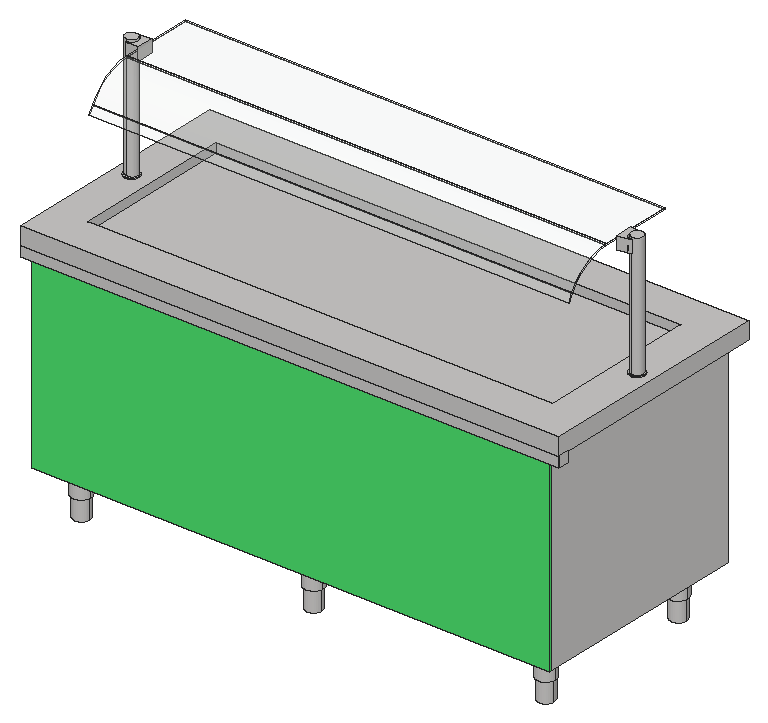
Revit family "QF_BOURGEAT_Self_meuble_cuve_froid_statique_baie_libre_5GN", category Equipement spécialisé, Revit 2015
Parameters (values of type "baie _libre_cuve30_presentoir_lampe_fluorecente_etageres")
  profondeur_cuve = 30 mm
  presentoir = yes
  porte_reserve = no
  etageres = yes
  URL catalogue = "http://www.bourgeat.fr"
  URL = ""
  Type de Raccord Electrique = ""
  Type article = ""
  Type Fluide Frigorigène = "R404a"
  Tension = 230 V
  Spécification du Fabricant = "meuble cuve froid statique OASIS"
  Roues = no
  Remarques Electricité = ""
  Puissance électrique  = 740 W
  Puissance frigorifique = "272W"
  Profondeur hors tout = 820 mm
  Poids net à vide = 285.00 kg
  Pieds_centre = no
  Pieds = yes
  Phase = 2
  Niveau Sonore = "60dBa"
  Nature isolant = "polyurethane"
  Modèle = "853025 + 853315 + 854915"
  Longueur hors tout = 1859 mm
  Intensité nominale = 3.21739 A
  Indice de protection = "21"
  Hauteur hors tout = 900 mm
  Fréquence = 50 Hz
  Fabricant = "BOURGEAT"
  Contact SAV = "0033(0)4.76.32.14.44"
  Classe Climatique = "3"
  Charge_gaz = ""
  Charge max = 200.00 kg
Types (25, lengths in mm): name | profondeur_cuve | presentoir | etageres | Roues | Puissance électrique  | Poids net à vide | Pieds | Modèle | Intensité nominale
  (no name) | 30 | yes | yes | no | 740 W | 285.00 kg | yes | "853025 + 853315 + 854915" | 3.21739 A
  baie _libre_cuve30 | 30 | no | no | no | 700 W | 260.00 kg | yes | "853025" | 3.04348 A
  baie _libre_cuve90 | 90 | no | no | no | 700 W | 260.00 kg | yes | "853095" | 3.04348 A
  baie _libre_cuve30_presentoir_lampe_fluorecente | 30 | yes | no | no | 740 W | 285.00 kg | yes | "853025 + 853315" | 3.21739 A
  baie _libre_cuve30_presentoir_lampe_LED | 30 | yes | no | no | 740 W | 285.00 kg | yes | "853025 + 853325" | 3.21739 A
  baie _libre_cuve90_presentoir_lampe_fluorecente | 90 | yes | no | no | 740 W | 285.00 kg | yes | "853095 + 853315" | 3.21739 A
  baie _libre_cuve90_presentoir_lampe_LED | 90 | yes | no | no | 740 W | 285.00 kg | yes | "853095 + 853325" | 3.21739 A
  baie _libre_cuve30_roues | 30 | no | no | yes | 700 W | 260.00 kg | no | "853025 + 854950" | 3.04348 A
  baie _libre_cuve90_roues | 90 | no | no | yes | 700 W | 260.00 kg | no | "853095 + 854950" | 3.04348 A
  baie _libre_cuve30_etageres | 30 | no | yes | no | 700 W | 260.00 kg | yes | "853025 + 854915" | 3.04348 A
  baie _libre_cuve90_etageres | 90 | no | yes | no | 700 W | 260.00 kg | yes | "853095 + 854915" | 3.04348 A
  baie _libre_cuve30_presentoir_lampe_fluorecente_etageres | 30 | yes | yes | no | 740 W | 285.00 kg | yes | "853025 + 853315 + 854915" | 3.21739 A
  baie _libre_cuve30_presentoir_lampe_LED_etageres_roues | 30 | yes | yes | yes | 740 W | 285.00 kg | no | "853025 + 853325 + 854915 + 854950" | 3.21739 A
  baie _libre_cuve90_presentoir_lampe_fluorecente_etageres | 90 | yes | yes | no | 740 W | 285.00 kg | yes | "853095 + 853315 + 854915" | 3.21739 A
  baie _libre_cuve90_presentoir_lampe_LED_etageres | 90 | yes | yes | no | 740 W | 285.00 kg | yes | "853095 + 853325 + 854915" | 3.21739 A
  baie _libre_cuve30_presentoir_lampe_fluorecente_roues | 30 | yes | no | yes | 740 W | 285.00 kg | no | "853025 + 853315 + 854950" | 3.21739 A
  baie _libre_cuve30_presentoir_lampe_LED_roues | 30 | yes | no | yes | 740 W | 285.00 kg | no | "853025 + 853325 + 854950" | 3.21739 A
  baie _libre_cuve90_presentoir_lampe_fluorecente_roues | 90 | yes | no | yes | 740 W | 285.00 kg | no | "853095 + 853315 + 854950" | 3.21739 A
  baie _libre_cuve90_presentoir_lampe_LED_roues | 90 | yes | no | yes | 740 W | 285.00 kg | no | "853095 + 853325 + 854950" | 3.21739 A
  baie _libre_cuve30_etageres_roues | 30 | no | yes | yes | 700 W | 260.00 kg | no | "853025 + 854915 + 854950" | 3.04348 A
  baie _libre_cuve90_etageres_roues | 90 | no | yes | yes | 700 W | 260.00 kg | no | "853095 + 854915+ 854950" | 3.04348 A
  baie _libre_cuve30_presentoir_lampe_fluorecente_etageres_roues | 30 | yes | yes | yes | 740 W | 285.00 kg | no | "853025 + 853315 + 854915 + 854950" | 3.21739 A
  baie _libre_cuve90_presentoir_lampe_fluorecente_etageres_roues | 90 | yes | yes | yes | 740 W | 285.00 kg | no | "853095 + 853315 + 854915 + 854950" | 3.21739 A
  baie _libre_cuve90_presentoir_lampe_LED_etageres_roues | 90 | yes | yes | yes | 740 W | 285.00 kg | no | "853095 + 853325 + 854915 + 854950" | 3.21739 A
  baie _libre_cuve30_presentoir_lampe_LED_etageres | 30 | yes | yes | no | 740 W | 285.00 kg | yes | "853025 + 853325 + +854915" | 3.21739 A
Reference planes
  plane 1 "Centre (avant/arrière)": y = 0
  plane 2: z = 0
  plane 3 "Centre (gauche/droite)": x = 0
  plane 4: y = 812
  plane 5: y = 668.25
  plane 6: y = 97.194
  plane 7: z = 235
  plane 8: z = 515
  plane 9: y = 555
  plane 10: x = -2047
Forms (mm)
  Extrusion 1, solid
    sketch origin (-29.925, 3.363, 0) x (1, 0, 0) y (0, 1, 0)
      loop
        circle (-2016.075, 551.637) r 5
    from 154.552 to 160
  Extrusion 2, solid, material "Acier inoxydable, brossé"
    sketch origin (0, 0, 0) x (1, 0, 0) y (0, 1, 0)
      loop
        line (-528, 760) -> (-1589, 760) -> (-1589, 80) -> (-528, 80) -> (-528, 760)
    from 160 to 250
Dimensions and locks
  locked: plane 4 to nested 1 at 47
  locked: nested 1 to plane 6 at 97.194
  locked: nested 1 to plane 5 at 96.75
  nested 2 to nested 1 = 561 mm
  nested 1 to nested 2 = 237 mm
  plane 8 to nested 7 = 515 mm
  plane 7 to nested 7 = 235 mm
  plane 3 "Centre (gauche/droite)" to nested 2 = 291 mm
  locked: plane 2 to nested 11 at 727
  locked: nested 1 to nested 11 at 69.625
  locked: plane 4 to plane 9 at 257
  locked: plane 2 to nested 18 at 223
  locked: nested 1 to plane 10 at 69
  aligned and locked: level to plane 2
  aligned and locked: nested 2 to nested 1  (x2)
  aligned and locked: nested 1 to plane 1 "Centre (avant/arrière)"
  aligned and locked: plane 4 to nested 2
  aligned and locked: nested 2 to nested 3  (x2)
  aligned and locked: nested 1 to nested 6
  aligned and locked: nested 1 to nested 7
  aligned and locked: nested 1 to nested 5
  aligned and locked: nested 1 to nested 4
  aligned and locked: nested 6 to plane 2
  aligned and locked: nested 2 to nested 5
  aligned and locked: nested 2 to nested 4
  aligned and locked: nested 6 to plane 5
  aligned and locked: nested 7 to plane 6
  aligned and locked: nested 4 to plane 5
  aligned and locked: nested 5 to plane 6
  aligned and locked: nested 3 to nested 2
  aligned and locked: nested 6 to nested 2
  aligned and locked: nested 7 to nested 2
  aligned and locked: nested 9 to nested 1  (x2)
  aligned and locked: nested 8 to nested 1  (x2)
  aligned and locked: nested 9 to plane 8
  aligned and locked: nested 8 to plane 7
  aligned and locked: nested 10 to nested 1
  aligned and locked: nested 1 to nested 11
  aligned and locked: Extrusion 1 to nested 1
  aligned and locked: nested 6 to nested 15  (x2)
  aligned and locked: nested 4 to nested 12  (x2)
  aligned and locked: nested 5 to nested 13  (x2)
  aligned and locked: nested 7 to nested 14  (x2)
  aligned and locked: Extrusion 1 sketch curve to plane 9
  aligned and locked: nested 1 to Extrusion 1 sketch curve
  aligned and locked: nested 1 to nested 14
  aligned and locked: nested 1 to nested 15
  aligned and locked: nested 1 to nested 13
  aligned and locked: nested 1 to nested 12
  aligned and locked: Extrusion 2 sketch curve to nested 1  (x2)
  aligned and locked: nested 1 to Extrusion 2 sketch curve
  aligned and locked: Extrusion 2 sketch curve to nested 10
  aligned and locked: nested 17 to nested 16
  aligned and locked: nested 2 to nested 17
  aligned and locked: nested 17 to plane 6
  aligned and locked: nested 16 to plane 5
  aligned and locked: nested 18 to nested 1
  aligned and locked: nested 18 to plane 10
Nested families
  nested 1: "corps_meuble" at (-325, 0, 160), type "corps_meuble"
    with lg_ouverture_cuve 1591 mm, lg_meuble 1791 mm, Largeur_hors_tout 1859 mm
  nested 2: "cuve" at (-1220.5, 402, 808), type "cuve_30"
    with profondeur_cuve 30 mm, lg_cuve 1859 mm
  nested 3: "presentoir" at (-1220.5, 402, 551.997) x (0, 1, 0) z (0, 0, 1), visible <- "presentoir", type "presentoir"
    with lg_presentoir 1747 mm, lg_ht 1859 mm
  nested 4: "pied" at (-418, 668.25, 0), visible <- "Pieds", type "pied"
  nested 5: "pied" at (-418, 97.194, 0), visible <- "Pieds", type "pied"
  nested 6: "pied" at (-2023, 668.25, 0), visible <- "Pieds", type "pied"
  nested 7: "pied" at (-2023, 97.194, 0), visible <- "Pieds", type "pied"
  nested 8: "etagere" at (-1058.5, 80, 197) x (-1, 0, 0) z (0, 0, 1), visible <- "etageres", type "etagere"
    with lg_ht 1859 mm, lg_etagere 1061 mm
  nested 9: "etagere" at (-1058.5, 80, 477) x (-1, 0, 0) z (0, 0, 1), visible <- "etageres", type "etagere"
    with lg_ht 1859 mm, lg_etagere 1061 mm
  nested 10: "bandeau_h83" at (-1058.5, 760, 757), type "bandeau_h83"
  nested 11: "IHM_horizontal" at (-1951.875, 765, 727) x (-1, 0, 0) z (0, 0, 1), type "IHM_horizontal"
  nested 12: "roue_ht160" at (-418, 668.25, -0.21), visible <- "Roues", type "roue_ht160"
    with Sans frein yes, Avec frein yes
  nested 13: "roue_ht160" at (-418, 97.194, -0.21), visible <- "Roues", type "roue_ht160"
    with Sans frein yes, Avec frein yes
  nested 14: "roue_ht160" at (-2023, 97.194, -0.21), visible <- "Roues", type "roue_ht160"
    with Sans frein yes, Avec frein yes
  nested 15: "roue_ht160" at (-2023, 668.25, -0.21), visible <- "Roues", type "roue_ht160"
    with Sans frein yes, Avec frein yes
  nested 16: "pied" at (-1220.5, 668.25, 0), visible <- "Pieds_centre", type "pied"
  nested 17: "pied" at (-1220.5, 97.194, 0), type "pied"
  nested 18: "porte_groupe_froid" at (-1827, 775, 53), type "lg440"
Connectors
  electrical at (-2046, 555, 154.552), driven by "Tension"
    settings: on Extrusion 1, index 1, voltage 230 V, apparent load 0 VA, apparent load phase1 700 VA, apparent load phase2 0 VA, apparent load phase3 0 VA, power factor 1, load classification "Autre", number of poles 2, system type 30, power factor state 1, is connector primary yes, connector utility no, sub classification motor no, connector description ""
Definition of nested family "corps_meuble"
  Parameters (values of type "corps_meuble")
    lg_ouverture_cuve = lg_meuble - 200 mm  # 941 mm
    lg_meuble = Largeur_hors_tout - 68 mm  # 1141 mm
    Largeur_hors_tout = 1209 mm
  Reference planes
    plane 1 "Centre (avant/arrière)": y = 0
    plane 2: z = 0
    plane 3 "Centre (gauche/droite)": x = 0
    plane 4: z = 680
    plane 5: x = -570.5
    plane 6: x = 0
    plane 7: x = -1141
    plane 8: x = -1071
    plane 9: x = -70
    plane 10: x = -614
    plane 11: x = -203
    plane 12: y = 382.5
    plane 13: x = -1044
    plane 14: y = -1
  Forms (mm)
    Extrusion 1, solid
      sketch origin (0, -50.814, 0) x (1, 0, 0) y (0, 1, 0)
        loop
          line (-1141, 815.814) -> (-1141, 50.814) -> (0, 50.814) -> (0, 815.814) -> (-203, 815.814) -> (-203, 130.814) -> (-614, 130.814) -> (-614, 815.814) -> (-1141, 815.814)
      from 0 to 680
    Extrusion 2, void
      sketch origin (0, 0, 0) x (1, 0, 0) y (0, 1, 0)
        loop
          line (-1071, 739.99) -> (-1071, 39.99) -> (-70, 39.99) -> (-70, 739.99) -> (-1071, 739.99)
      from 588.119 to 680
    Extrusion 3, solid
      sketch origin (0, 0, 0) x (1, 0, 0) y (0, 0, 1)
        loop
          line (-1141, 680) -> (-1141, 0) -> (0, 0) -> (0, 680) -> (-1141, 680)
      from 0 to 1
  Cuts and joins
    Extrusion 2 cuts Extrusion 1
  Dimensions and locks
    locked: plane 4 to plane 2 at 680
    locked: plane 7 to plane 8 at 70
    "lg_meuble": plane 7 to plane 3 "Centre (gauche/droite)"
    equal spacing: plane 7, plane 5, plane 3 "Centre (gauche/droite)"
    locked: plane 7 to plane 10 at 527
    locked: plane 11 to plane 3 "Centre (gauche/droite)" at 203
    locked: plane 9 to plane 3 "Centre (gauche/droite)" at 70
    locked: plane 7 to plane 13 at 97
    aligned and locked: level to plane 2
    aligned and locked: Extrusion 1 sketch curve to Extrusion 1 sketch curve
    aligned and locked: plane 4 to Extrusion 1
    aligned and locked: plane 3 "Centre (gauche/droite)" to plane 6
    aligned and locked: plane 9 to Extrusion 2
    aligned and locked: plane 3 "Centre (gauche/droite)" to cut or joined group of Extrusion 1, Extrusion 2
    aligned and locked: cut or joined group of Extrusion 1, Extrusion 2 to plane 7
    aligned and locked: cut or joined group of Extrusion 1, Extrusion 2 to plane 8
    aligned and locked: plane 10 to cut or joined group of Extrusion 1, Extrusion 2
    aligned and locked: cut or joined group of Extrusion 1, Extrusion 2 to plane 11
    aligned and locked: Extrusion 3 sketch curve to cut or joined group of Extrusion 1, Extrusion 2  (x4)
    aligned and locked: Extrusion 3 to plane 14
  Automatic sketch dimensions
    Extrusion 1 sketch curve to plane 1 "Centre (avant/arrière)" = 0 mm
    Extrusion 1 sketch curve to Extrusion 1 sketch curve = 685 mm
    Extrusion 1 sketch curve to plane 3 "Centre (gauche/droite)" = 0 mm
    Extrusion 1 sketch curve to plane 5 = 43.5 mm
    Extrusion 1 sketch curve to plane 5 = 570.5 mm
    Extrusion 1 sketch curve to plane 1 "Centre (avant/arrière)" = 80 mm
    Extrusion 1 sketch curve to Extrusion 1 sketch curve = 765 mm
    Extrusion 1 sketch curve to plane 9 = 133 mm
    Extrusion 2 sketch curve to plane 8 = 0 mm
    Extrusion 2 sketch curve to plane 9 = 0 mm
    Extrusion 2 sketch curve to plane 1 "Centre (avant/arrière)" = 39.99 mm
    plane 12 to Extrusion 2 sketch curve = 357.49 mm
Definition of nested family "cuve"
  Parameters (values of type "cuve_30")
    profondeur_cuve = 90 mm
    lg_cuve = 1209 mm
  Reference planes
    plane 1 "Centre (avant/arrière)": y = 0
    plane 2: z = 0
    plane 3 "Centre (gauche/droite)": x = 0
    plane 4: y = 410
    plane 5: y = -410
    plane 6: x = -604.5
    plane 7: x = 604.5
    plane 8: z = 92
    plane 9: y = 277
    plane 10: y = -277
    plane 11: x = 477.5
    plane 12: x = -477.5
    plane 13: z = 2
    plane 14: y = -279
    plane 15: x = -479.5
    plane 16: y = 279
    plane 17: x = 479.5
    plane 18: z = 32
    plane 19: y = -408
    plane 20: z = 82
    plane 21: z = -4
  Forms (mm)
    Extrusion 1, solid
      sketch origin (12, -10, 0) x (1, 0, 0) y (0, 1, 0)
        loop
          line (-616.5, 420) -> (-616.5, -400) -> (592.5, -400) -> (592.5, 420) -> (-616.5, 420)
      from 0 to 92
    Extrusion 2, void
      sketch origin (0, 0, 0) x (1, 0, 0) y (0, 1, 0)
        loop
          line (-477.5, 277) -> (-477.5, -277) -> (477.5, -277) -> (477.5, 277) -> (-477.5, 277)
      from 2 to 250
    Extrusion 3, void
      sketch origin (0, 0, 0) x (1, 0, 0) y (0, 1, 0)
        loop
          line (-479.5, 279) -> (-479.5, -279) -> (479.5, -279) -> (479.5, 279) -> (-479.5, 279)
        loop
          line (-674.5, 480) -> (-674.5, -480) -> (674.5, -480) -> (674.5, 480) -> (-674.5, 480)
      from 0 to 32
    Extrusion 4, solid
      sketch origin (0, 0, 0) x (1, 0, 0) y (0, 1, 0)
        loop
          line (-604.5, -408) -> (-604.5, -410) -> (604.5, -410) -> (604.5, -408) -> (-604.5, -408)
      from -4 to 32
    Extrusion 5, solid
      sketch origin (0, 0, 0) x (0, 1, 0) y (0, 0, 1)
        loop
          line (-408, -4) -> (-370, -4) -> (-370, 32) -> (-408, 32) -> (-408, -4)
      from -604.5 to 604.5
  Cuts and joins
    Extrusion 2, Extrusion 3 cuts Extrusion 1
  Dimensions and locks
    equal spacing: plane 4, plane 1 "Centre (avant/arrière)", plane 5, locked at 410 each
    plane 4 to plane 5 = 820 mm
    equal spacing: plane 6, plane 3 "Centre (gauche/droite)", plane 7
    "lg_cuve": plane 6 to plane 7
    plane 8 to plane 2 = 92 mm
    locked: plane 5 to plane 10 at 133
    locked: plane 4 to plane 9 at 133
    locked: plane 11 to plane 7 at 127
    locked: plane 6 to plane 12 at 127
    locked: plane 16 to plane 9 at 2
    locked: plane 15 to plane 12 at 2
    locked: plane 14 to plane 10 at 2
    locked: plane 11 to plane 17 at 2
    locked: Extrusion 3 sketch curve to plane 6 at 70
    locked: Extrusion 3 sketch curve to plane 5 at 70
    locked: plane 7 to Extrusion 3 sketch curve at 70
    locked: Extrusion 3 sketch curve to plane 4 at 70
    locked: plane 8 to plane 18 at 60
    locked: plane 5 to plane 19 at 2
    locked: plane 21 to plane 18 at 36
    locked: cut or joined group of Extrusion 1, Extrusion 2, Extrusion 3 to cut or joined group of Extrusion 1, Extrusion 2, Extrusion 3 at 554
    "profondeur_cuve": plane 8 to plane 13
    aligned and locked: plane 2 to level
    aligned and locked: plane 6 to Extrusion 1 sketch curve
    aligned and locked: Extrusion 1 sketch curve to plane 7
    aligned and locked: plane 8 to Extrusion 1
    aligned and locked: plane 4 to Extrusion 1
    aligned and locked: plane 5 to Extrusion 1
    aligned and locked: Extrusion 2 sketch curve to plane 9
    aligned and locked: Extrusion 2 sketch curve to plane 12
    aligned and locked: Extrusion 2 sketch curve to plane 10
    aligned and locked: Extrusion 2 sketch curve to plane 11
    aligned and locked: cut or joined group of Extrusion 1, Extrusion 2, Extrusion 3 to plane 13
    aligned and locked: Extrusion 3 sketch curve to plane 16
    aligned and locked: Extrusion 3 sketch curve to plane 15
    aligned and locked: Extrusion 3 sketch curve to plane 14
    aligned and locked: Extrusion 3 sketch curve to plane 17
    aligned and locked: cut or joined group of Extrusion 1, Extrusion 2, Extrusion 3 to plane 18
    aligned and locked: Extrusion 4 sketch curve to plane 19
    aligned and locked: plane 6 to Extrusion 4 sketch curve
    aligned and locked: Extrusion 4 sketch curve to cut or joined group of Extrusion 1, Extrusion 2, Extrusion 3  (x2)
    aligned and locked: cut or joined group of Extrusion 1, Extrusion 2, Extrusion 3 to Extrusion 4
    aligned and locked: plane 18 to Extrusion 5 sketch curve
    aligned and locked: Extrusion 4 to Extrusion 5 sketch curve
    aligned and locked: cut or joined group of Extrusion 1, Extrusion 2, Extrusion 3 to Extrusion 5
    aligned and locked: Extrusion 5 to cut or joined group of Extrusion 1, Extrusion 2, Extrusion 3
    aligned and locked: plane 21 to Extrusion 5 sketch curve
    aligned and locked: Extrusion 4 to Extrusion 5
  Automatic sketch dimensions
    Extrusion 1 sketch curve to plane 5 = 0 mm
    plane 4 to Extrusion 1 sketch curve = 0 mm
    Extrusion 5 sketch curve to plane 5 = 2 mm
    Extrusion 5 sketch curve to Extrusion 5 sketch curve = 38 mm
Definition of nested family "presentoir"
  Parameters (values of type "presentoir")
    lg_presentoir = lg_ht - 112 mm  # 1097 mm
    lg_ht = 1209 mm
  Reference planes
    plane 1 "Centre (avant/arrière)": y = 0
    plane 2: z = 0
    plane 3 "Centre (gauche/droite)": x = 0
    plane 4: x = 0
    plane 5: y = 0
    plane 6: z = 348.003
    plane 7: z = 775.003
    plane 8: z = 353.003
    plane 9: z = 770.54
    plane 10: z = 727.003
    plane 11: y = 548.5
    plane 12: y = -548.5
    plane 13: y = 548.5
    plane 14: y = -548.5
  Forms (mm)
    Extrusion 1, solid
      sketch origin (0, 0, 0) x (1, 0, 0) y (0, 0, 1)
        loop
          line (-240.07, 650.474) -> (-234.874, 647.474) -> (-219.875, 673.453)
          arc (-219.875, 673.453) -> (-158.748, 734.58) -> (-75.248, 756.953) r 167
          line (-75.248, 756.953) -> (179.75, 756.953) -> (179.75, 762.953) -> (-75.248, 762.953)
          arc (-75.248, 762.953) -> (-161.33, 740.45) -> (-224.372, 677.664) r 170.59
          line (-224.372, 677.664) -> (-240.07, 650.474)
      from -503.5 to 503.5
    Extrusion 2, solid
      sketch origin (0, 0, 0) x (1, 0, 0) y (0, 1, 0)
        loop
          line (-25, 548.5) -> (-30.461, 503.5) -> (30.461, 503.5) -> (25, 548.5)
          arc (25, 548.5) -> (0, 523.5) -> (-25, 548.5) r 25
        loop
          arc (-25, -548.5) -> (0, -523.5) -> (25, -548.5) r 25
          line (25, -548.5) -> (30.461, -503.5) -> (-30.461, -503.5) -> (-25, -548.5)
      from 727.003 to 770.54
    Extrusion 3, solid
      sketch origin (0, -396.5, 0) x (1, 0, 0) y (0, 1, 0)
        loop
          circle (0, 945) r 21.2
        loop
          circle (0, -152) r 21.2
      from 353.003 to 775.003
    Revolve 4, solid
      sketch origin (0, 0, 0) x (0, 1, 0) y (0, 0, 1)
        loop
          line (-548.5, 353.003) -> (-569.7, 353.003) -> (-573.5, 349.203) -> (-573.5, 348.003) -> (-548.5, 348.003) -> (-548.5, 353.003)
        axis (-548.5, 353.003) -> (-548.5, 348.003)
      angle from 0 to 360
    Revolve 5, solid
      sketch origin (0, 0, 0) x (0, -1, 0) y (0, 0, 1)
        loop
          line (-548.5, 353.003) -> (-569.7, 353.003) -> (-573.5, 349.203) -> (-573.5, 348.003) -> (-548.5, 348.003) -> (-548.5, 353.003)
        axis (-548.5, 353.003) -> (-548.5, 348.003)
      angle from 0 to 360
  Dimensions and locks
    equal spacing: plane 11, plane 1 "Centre (avant/arrière)", plane 12
    "lg_presentoir": plane 11 to plane 12
    locked: Extrusion 2 sketch curve to plane 14 at 45
    locked: plane 13 to Extrusion 2 sketch curve at 45
    aligned and locked: level to plane 2
    aligned and locked: plane 3 "Centre (gauche/droite)" to plane 4
    aligned and locked: Extrusion 3 to plane 7
    aligned and locked: plane 8 to Extrusion 3
    aligned and locked: Extrusion 2 to plane 9
    aligned and locked: plane 10 to Extrusion 2
    aligned and locked: plane 1 "Centre (avant/arrière)" to plane 5
    aligned and locked: plane 11 to Extrusion 3
    aligned and locked: plane 12 to Extrusion 3
    aligned and locked: plane 13 to plane 11
    aligned and locked: plane 14 to plane 12
    aligned and locked: Extrusion 1 to Extrusion 2  (x2)
  Automatic sketch dimensions
    Extrusion 1 sketch curve to plane 3 "Centre (gauche/droite)" = 240.07 mm
    plane 10 to Extrusion 1 sketch curve = 79.529 mm
    Extrusion 1 sketch curve to Extrusion 1 sketch curve = 5.196 mm
    plane 10 to Extrusion 1 sketch curve = 49.34 mm
    Extrusion 1 sketch curve to Extrusion 1 sketch curve = 15.698 mm
    plane 10 to Extrusion 1 sketch curve = 53.55 mm
    Extrusion 1 sketch curve to plane 3 "Centre (gauche/droite)" = 76.636 mm
    Extrusion 1 sketch curve to Extrusion 1 sketch curve = 1.388 mm
    Extrusion 1 sketch curve to Extrusion 1 sketch curve = 0 mm
    plane 9 to Extrusion 1 sketch curve = 13.587 mm
    plane 3 "Centre (gauche/droite)" to Extrusion 1 sketch curve = 179.75 mm
    Extrusion 1 sketch curve to Extrusion 1 sketch curve = 2.415 mm
    Extrusion 2 sketch curve to plane 14 = 0 mm
    plane 11 to Extrusion 2 sketch curve = 0 mm
    Extrusion 2 sketch curve to plane 3 "Centre (gauche/droite)" = 0 mm  (x2)
    Extrusion 2 sketch curve to Extrusion 2 sketch curve = 25 mm  (x2)
    Extrusion 2 sketch curve to plane 3 "Centre (gauche/droite)" = 30.461 mm  (x2)
    plane 3 "Centre (gauche/droite)" to Extrusion 2 sketch curve = 30.461 mm  (x2)
    Extrusion 3 sketch curve to plane 3 "Centre (gauche/droite)" = 0 mm  (x2)
    Extrusion 3 sketch curve to plane 12 = 0 mm
    plane 11 to Extrusion 3 sketch curve = 0 mm
    Revolve 4 sketch curve to plane 6 = 0 mm
    Revolve 4 sketch curve to plane 8 = 0 mm
    Revolve 4 sketch curve to plane 12 = 0 mm  (x2)
    Revolve 4 sketch curve to Revolve 4 sketch curve = 21.2 mm
    Revolve 4 sketch curve to Revolve 4 sketch curve = 3.8 mm
    Revolve 4 sketch curve to Revolve 4 sketch curve = 1.2 mm
    Revolve 4 sketch curve to plane 6 = 14.256 mm
    plane 8 to Revolve 4 sketch curve = 30.744 mm
    Revolve 5 sketch curve to plane 6 = 0 mm
    plane 8 to Revolve 5 sketch curve = 0 mm
    Revolve 5 sketch curve to plane 11 = 0 mm  (x2)
    Revolve 5 sketch curve to plane 11 = 21.2 mm
    Revolve 5 sketch curve to Revolve 5 sketch curve = 3.8 mm
    Revolve 5 sketch curve to Revolve 5 sketch curve = 1.2 mm
    plane 6 to Revolve 5 sketch curve = 14.256 mm
    Revolve 5 sketch curve to Revolve 5 sketch curve = 30.744 mm
    radius of Extrusion 3 sketch curve = 21.2 mm  (x2)
Definition of nested family "pied"
  Reference planes
    plane 1 "Centre (avant/arrière)": y = 0
    plane 2: z = 0
    plane 3 "Centre (gauche/droite)": x = 0
  Forms (mm)
    Revolve 1, solid
      sketch origin (0, 0, 0) x (1, 0, 0) y (0, 0, 1)
        loop
          line (0, 160) -> (-33, 160) -> (-33, 70) -> (-28, 70) -> (-28, 0) -> (0, 0) -> (0, 160)
        axis (0, 160) -> (0, 0)
      angle from 0 to 360
  Dimensions and locks
    plane 3 "Centre (gauche/droite)" to Revolve 1 sketch curve = 28 mm
    Revolve 1 sketch curve to plane 3 "Centre (gauche/droite)" = 33 mm
    Revolve 1 sketch curve to plane 2 = 70 mm
    Revolve 1 sketch curve to Revolve 1 sketch curve = 90 mm
    aligned and locked: level to plane 2
Definition of nested family "etagere"
  Parameters (values of type "etagere")
    lg_ht = 1209 mm
    lg_etagere = lg_ht - (561 mm + 237 mm)  # 411 mm
  Reference planes
    plane 1 "Centre (avant/arrière)": y = 0
    plane 2: z = 0
    plane 3 "Centre (gauche/droite)": x = 0
    plane 4: y = -625
    plane 5: y = -623
    plane 6: y = -2
    plane 7: x = 0
  Forms (mm)
    Extrusion 1, solid
      sketch origin (0, 0, 0) x (0, 1, 0) y (0, 0, 1)
        loop
          line (0, 119.481) -> (-2, 119.481) -> (-2, 40) -> (-625, 40) -> (-625, 0) -> (-623, 0) -> (-623, 38) -> (0, 38) -> (0, 119.481)
      from -205.5 to 205.5
  Dimensions and locks
    locked: plane 6 to plane 1 "Centre (avant/arrière)" at 2
    locked: plane 4 to plane 5 at 2
    plane 4 to plane 1 "Centre (avant/arrière)" = 625 mm
    equal spacing: Extrusion 1, plane 7, Extrusion 1
    "lg_etagere": Extrusion 1 to Extrusion 1
    aligned and locked: level to plane 2
    aligned and locked: plane 2 to Extrusion 1 sketch curve
    aligned and locked: plane 1 "Centre (avant/arrière)" to Extrusion 1 sketch curve
    aligned and locked: plane 4 to Extrusion 1
    aligned and locked: plane 5 to Extrusion 1
    aligned and locked: Extrusion 1 to plane 6
    aligned and locked: plane 3 "Centre (gauche/droite)" to plane 7
  Automatic sketch dimensions
    Extrusion 1 sketch curve to plane 4 = 0 mm
    Extrusion 1 sketch curve to plane 5 = 0 mm
    Extrusion 1 sketch curve to plane 6 = 0 mm
    level to Extrusion 1 sketch curve = 38 mm
    Extrusion 1 sketch curve to Extrusion 1 sketch curve = 2 mm
    Extrusion 1 sketch curve to Extrusion 1 sketch curve = 79.481 mm
Definition of nested family "bandeau_h83"
  Parameters (values of type "bandeau_h83")
    lg_ht = 1859 mm
    lg_bandeau = lg_ht - (561 mm + 237 mm)  # 1061 mm
  Reference planes
    plane 1 "Centre (avant/arrière)": y = 0
    plane 2: z = 0
    plane 3 "Centre (gauche/droite)": x = 0
    plane 4: x = -530.5
    plane 5: x = 530.5
    plane 6: y = 5
    plane 7: z = 83
  Forms (mm)
    Extrusion 1, solid
      sketch origin (476, 10, 0) x (1, 0, 0) y (0, 1, 0)
        loop
          line (-1006.5, -10) -> (54.5, -10) -> (54.5, -5) -> (-1006.5, -5) -> (-1006.5, -10)
      from 0 to 83
  Dimensions and locks
    plane 7 to plane 2 = 83 mm
    locked: plane 1 "Centre (avant/arrière)" to plane 6 at 5
    "lg_bandeau": plane 4 to plane 5
    equal spacing: plane 4, plane 3 "Centre (gauche/droite)", plane 5
    aligned and locked: level to plane 2
    aligned and locked: Extrusion 1 to plane 4
    aligned and locked: plane 5 to Extrusion 1
    aligned and locked: Extrusion 1 to plane 6
    aligned and locked: plane 7 to Extrusion 1
    aligned and locked: plane 1 "Centre (avant/arrière)" to Extrusion 1
  Automatic sketch dimensions
    Extrusion 1 sketch curve to plane 4 = 0 mm
    Extrusion 1 sketch curve to plane 5 = 0 mm
    plane 1 "Centre (avant/arrière)" to Extrusion 1 sketch curve = 0 mm
    Extrusion 1 sketch curve to plane 6 = 0 mm
Definition of nested family "IHM_horizontal"
  Reference planes
    plane 1 "Centre (avant/arrière)": y = 0
    plane 2: z = 0
    plane 3 "Centre (gauche/droite)": x = 0
    plane 4: y = -10
    plane 5: y = -13
  Forms (mm)
    Extrusion 1, solid
      sketch origin (-374.736, 0, -402) x (1, 0, 0) y (0, 0, 1)
        loop
          line (280.236, 402) -> (469.236, 402) -> (469.236, 440) -> (280.236, 440) -> (280.236, 402)
      from 0 to 10
    Extrusion 2, solid
      sketch origin (0, 0, 0) x (1, 0, 0) y (0, 0, 1)
        loop
          line (-89.496, 32.01) -> (-89.496, 7.01) -> (90.504, 7.01) -> (90.504, 32.01) -> (-89.496, 32.01)
      from 10 to 13
  Dimensions and locks
    plane 4 to plane 1 "Centre (avant/arrière)" = 10 mm
    aligned and locked: level to plane 2
    aligned and locked: Extrusion 1 to plane 4
    aligned and locked: Extrusion 2 to plane 5
    aligned and locked: plane 4 to Extrusion 2
Definition of nested family "roue_ht160"
  Parameters (values of type "roue_ht160")
    Sans frein [instance] = yes
    Avec frein [instance] = yes
  Reference planes
    plane 1 "Centre (avant/arrière)": y = 0
    plane 2: z = 0
    plane 3 "Centre (gauche/droite)": x = 0
    plane 4: y = 40.851
    plane 5: z = 62.5
  Forms (mm)
    Extrusion 1, solid
      sketch origin (0, 0, 0) x (0, 1, 0) y (0, 0, 1)
        loop
          circle (40.851, 62.5) r 62.5
        loop
          circle (40.851, 62.5) r 57.5
      from -12.5 to 12.5
    Revolve 2, solid
      sketch origin (0, 0, 0) x (0, 1, 0) y (0, 0, 1)
        loop
          line (0, 160.21) -> (-20.149, 160.21) -> (-20.149, 159.41) -> (-21.6, 159.41)
          arc (-21.6, 159.41) -> (-24.448, 158.65) -> (-26.537, 156.572) r 5.712
          line (-26.537, 156.572) -> (-30.146, 147.743) -> (-26.999, 147.062) -> (-26.999, 146.112)
          arc (-26.999, 146.112) -> (-27.23, 145.314) -> (-27.849, 144.761) r 1.5
          arc (-27.849, 144.761) -> (-29.223, 143.633) -> (-29.923, 142) r 3.75
          line (-29.923, 142) -> (0, 142) -> (0, 160.21)
        axis (0, 160.21) -> (0, 142)
      angle from 0 to 360
    Extrusion 3, solid
      sketch origin (0, 0, 0) x (0, 1, 0) y (0, 0, -1)
        loop
          line (-29.974, -138.241) -> (-29.974, -142) -> (21.747, -142) -> (21.747, -60.336)
          arc (21.747, -60.336) -> (10.272, -70.702) -> (-0.149, -82.127) r 160.057
          arc (-0.149, -82.127) -> (-17.883, -108.684) -> (-29.974, -138.241) r 159.585
      from -24.913 to -23.038
    Extrusion 4, solid
      sketch origin (0, 0, 0) x (0, 1, 0) y (0, 0, 1)
        loop
          line (-29.974, 142) -> (-29.974, 140.869) -> (21.747, 140.869) -> (21.747, 142) -> (-29.974, 142)
      from -23.038 to 23.038
    Extrusion 5, solid
      sketch origin (0, 0, 0) x (0, 1, 0) y (0, 0, 1)
        loop
          circle (40.851, 62.5) r 57.5
        loop
          circle (40.851, 62.5) r 55
      from -12.5 to 12.5
    Extrusion 6, solid
      sketch origin (0, 0, 0) x (0, 1, 0) y (0, 0, 1)
        loop
          circle (40.851, 62.5) r 55
      from -7 to 7
    Extrusion 7, solid
      sketch origin (0, 0, 0) x (0, 1, 0) y (0, 0, 1)
        loop
          circle (40.851, 62.5) r 21
      from 7 to 15
    Extrusion 8, solid
      sketch origin (0, 0, 0) x (0, 1, 0) y (0, 0, -1)
        loop
          circle (40.851, -62.5) r 16
      from -23.038 to -15
    Extrusion 9, solid, visible <- "Sans frein"
      sketch origin (0, 0, 0) x (0, 1, 0) y (0, 0, 1)
        loop
          arc (21.747, 60.336) -> (23.188, 59.17) -> (24.642, 58.02) r 161.23
          arc (24.642, 58.02) -> (29.34, 54.513) -> (34.187, 51.216) r 133.333
          arc (34.187, 51.216) -> (46.517, 50.3) -> (53.927, 60.198) r 12.867
          arc (53.927, 60.198) -> (54.714, 99.183) -> (46.119, 137.216) r 161.222
          arc (46.119, 137.216) -> (45.679, 138.887) -> (45.531, 140.609) r 10.076
          line (45.531, 140.609) -> (45.531, 142) -> (21.747, 142) -> (21.747, 60.336)
      from 23.038 to 24.913
    Extrusion 10, solid, visible <- "Sans frein"
      sketch origin (0, 0, 0) x (0, 1, 0) y (0, 0, 1)
        loop
          line (21.747, 142) -> (21.747, 140.701) -> (48.851, 140.701) -> (48.851, 142) -> (21.747, 142)
      from -23.038 to 23.038
    Extrusion 11, solid, visible <- "Avec frein"
      sketch origin (0, 0, 0) x (0, 1, 0) y (0, 0, 1)
        loop
          line (21.747, 142) -> (21.747, 60.336)
          arc (21.747, 60.336) -> (23.177, 59.179) -> (24.62, 58.038) r 160.008
          arc (24.62, 58.038) -> (29.041, 54.705) -> (33.574, 51.527) r 160
          arc (33.574, 51.527) -> (46.135, 50.422) -> (53.724, 60.491) r 13
          arc (53.724, 60.491) -> (55.279, 82.092) -> (53.902, 103.704) r 160
          arc (53.902, 103.704) -> (55.53, 108.653) -> (60.415, 110.463) r 6
          arc (60.415, 110.463) -> (80.625, 109.924) -> (100.725, 112.107) r 150
          arc (100.725, 112.107) -> (104.408, 113.406) -> (107.479, 115.819) r 12
          line (107.479, 115.819) -> (110.851, 121.523)
          arc (110.851, 121.523) -> (85.913, 134.651) -> (58.706, 142) r 127.902
          line (58.706, 142) -> (21.747, 142)
      from 23.038 to 24.913
    Extrusion 12, solid, visible <- "Avec frein"
      sketch origin (0, 0, 0) x (0, 1, 0) y (0, 0, 1)
        loop
          line (58.706, 142) -> (21.747, 142) -> (21.747, 140) -> (58.552, 140)
          arc (58.552, 140) -> (85.253, 132.762) -> (109.73, 119.866) r 125.902
          line (109.73, 119.866) -> (110.851, 121.523)
          arc (110.851, 121.523) -> (85.913, 134.651) -> (58.706, 142) r 127.902
      from -23.038 to 23.038
    Extrusion 13, solid, visible <- "Avec frein"
      sketch origin (0, 19.896, 18.175) x (0, 1, 0) y (0, 0, 1)
        loop
          line (87.583, 97.644) -> (91.829, 95.227)
          arc (91.829, 95.227) -> (93.8, 95.006) -> (95.312, 96.29) r 2.5
          arc (95.312, 96.29) -> (103.495, 100.002) -> (111.176, 104.666) r 74.999
          line (111.176, 104.666) -> (110.852, 105.929)
          arc (110.852, 105.929) -> (110.04, 107.086) -> (108.666, 107.417) r 2
          arc (108.666, 107.417) -> (101.396, 105.849) -> (94.512, 103.034) r 42.354
          line (94.512, 103.034) -> (93.479, 101.228) -> (93.285, 100.414) -> (91.69, 101.675) -> (90.401, 102.412) -> (87.583, 97.644)
      from -23.038 to 23.038
    Extrusion 14, solid, not visible
      sketch origin (0, 0, 0) x (0, 1, 0) y (0, 0, -1)
        loop
          line (-29.974, -138.241) -> (-29.974, -142) -> (21.747, -142) -> (21.747, -60.336)
          arc (21.747, -60.336) -> (10.272, -70.702) -> (-0.149, -82.127) r 160.057
          arc (-0.149, -82.127) -> (-17.883, -108.684) -> (-29.974, -138.241) r 159.585
      from -24.913 to -23.038
    Extrusion 15, solid, not visible
      sketch origin (0, 0, 0) x (0, 1, 0) y (0, 0, 1)
        loop
          circle (40.851, 62.5) r 21
      from 7 to 15
    Extrusion 16, solid, not visible
      sketch origin (0, 0, 0) x (0, 1, 0) y (0, 0, -1)
        loop
          circle (40.851, -62.5) r 16
      from -23.038 to -15
    Extrusion 17, solid, visible <- "Sans frein", not visible
      sketch origin (0, 0, 0) x (0, 1, 0) y (0, 0, 1)
        loop
          arc (21.747, 60.336) -> (23.188, 59.17) -> (24.642, 58.02) r 161.23
          arc (24.642, 58.02) -> (29.34, 54.513) -> (34.187, 51.216) r 133.333
          arc (34.187, 51.216) -> (46.517, 50.3) -> (53.927, 60.198) r 12.867
          arc (53.927, 60.198) -> (54.714, 99.183) -> (46.119, 137.216) r 161.222
          arc (46.119, 137.216) -> (45.679, 138.887) -> (45.531, 140.609) r 10.076
          line (45.531, 140.609) -> (45.531, 142) -> (21.747, 142) -> (21.747, 60.336)
      from 23.038 to 24.913
    Extrusion 18, solid, visible <- "Avec frein", not visible
      sketch origin (0, 0, 0) x (0, 1, 0) y (0, 0, 1)
        loop
          line (21.747, 142) -> (21.747, 60.336)
          arc (21.747, 60.336) -> (23.177, 59.179) -> (24.62, 58.038) r 160.008
          arc (24.62, 58.038) -> (29.041, 54.705) -> (33.574, 51.527) r 160
          arc (33.574, 51.527) -> (46.135, 50.422) -> (53.724, 60.491) r 13
          arc (53.724, 60.491) -> (55.279, 82.092) -> (53.902, 103.704) r 160
          arc (53.902, 103.704) -> (55.53, 108.653) -> (60.415, 110.463) r 6
          arc (60.415, 110.463) -> (80.625, 109.924) -> (100.725, 112.107) r 150
          arc (100.725, 112.107) -> (104.408, 113.406) -> (107.479, 115.819) r 12
          line (107.479, 115.819) -> (110.851, 121.523)
          arc (110.851, 121.523) -> (85.913, 134.651) -> (58.706, 142) r 127.902
          line (58.706, 142) -> (21.747, 142)
      from 23.038 to 24.913
    Extrusion 19, solid
      sketch origin (0, 0, 0) x (0, -1, 0) y (0, 0, -1)
        loop
          arc (29.974, -138.241) -> (17.883, -108.684) -> (0.149, -82.127) r 159.585
          arc (0.149, -82.127) -> (-10.272, -70.702) -> (-21.747, -60.336) r 160.057
          line (-21.747, -60.336) -> (-21.747, -142) -> (29.974, -142) -> (29.974, -138.241)
      from -24.913 to -23.038
    Extrusion 20, solid
      sketch origin (0, 0, 0) x (0, -1, 0) y (0, 0, 1)
        loop
          circle (-40.851, 62.5) r 21
      from 7 to 15
    Extrusion 21, solid
      sketch origin (0, 0, 0) x (0, -1, 0) y (0, 0, -1)
        loop
          circle (-40.851, -62.5) r 16
      from -23.038 to -15
    Extrusion 22, solid, visible <- "Sans frein"
      sketch origin (0, 0, 0) x (0, -1, 0) y (0, 0, 1)
        loop
          line (-21.747, 60.336) -> (-21.747, 142) -> (-45.531, 142) -> (-45.531, 140.609)
          arc (-45.531, 140.609) -> (-45.679, 138.887) -> (-46.119, 137.216) r 10.076
          arc (-46.119, 137.216) -> (-54.714, 99.183) -> (-53.927, 60.198) r 161.222
          arc (-53.927, 60.198) -> (-46.517, 50.3) -> (-34.187, 51.216) r 12.867
          arc (-34.187, 51.216) -> (-29.34, 54.513) -> (-24.642, 58.02) r 133.333
          arc (-24.642, 58.02) -> (-23.188, 59.17) -> (-21.747, 60.336) r 161.23
      from 23.038 to 24.913
    Extrusion 23, solid, visible <- "Avec frein"
      sketch origin (0, 0, 0) x (0, -1, 0) y (0, 0, 1)
        loop
          line (-21.747, 142) -> (-58.706, 142)
          arc (-58.706, 142) -> (-85.913, 134.651) -> (-110.851, 121.523) r 127.902
          line (-110.851, 121.523) -> (-107.479, 115.819)
          arc (-107.479, 115.819) -> (-104.408, 113.406) -> (-100.725, 112.107) r 12
          arc (-100.725, 112.107) -> (-80.625, 109.924) -> (-60.415, 110.463) r 150
          arc (-60.415, 110.463) -> (-55.53, 108.653) -> (-53.902, 103.704) r 6
          arc (-53.902, 103.704) -> (-55.279, 82.092) -> (-53.724, 60.491) r 160
          arc (-53.724, 60.491) -> (-46.135, 50.422) -> (-33.574, 51.527) r 13
          arc (-33.574, 51.527) -> (-29.041, 54.705) -> (-24.62, 58.038) r 160
          arc (-24.62, 58.038) -> (-23.177, 59.179) -> (-21.747, 60.336) r 160.008
          line (-21.747, 60.336) -> (-21.747, 142)
      from 23.038 to 24.913
  Dimensions and locks
    aligned and locked: level to plane 2
Definition of nested family "porte_groupe_froid"
  Parameters (values of type "lg440")
    lg_porte_groupe_froid = 440 mm
  Types (4, lengths in mm): name | lg_porte_groupe_froid
    lg569 | 569
    lg790 | 790
    lg767 | 767
    lg440 | 440
  Reference planes
    plane 1 "Centre (avant/arrière)": y = 0
    plane 2: z = 0
    plane 3 "Centre (gauche/droite)": x = 0
    plane 4: z = 170
    plane 5: z = 644
    plane 6: x = 220
    plane 7: x = -220
    plane 8: y = -10
    plane 9: z = 231.5
    plane 10: z = 253
    plane 11: y = -20
    plane 12: x = -185
    plane 13: x = 185
    plane 14: z = 269.5
    plane 15: z = 291
    plane 16: z = 307.5
    plane 17: z = 329
    plane 18: z = 345.5
    plane 19: z = 367
    plane 20: z = 383.5
    plane 21: z = 405
    plane 22: z = 421.5
    plane 23: z = 443
    plane 24: z = 459.5
    plane 25: z = 481
    plane 26: z = 497.5
    plane 27: z = 519
    plane 28: z = 535.5
    plane 29: z = 557
    plane 30: z = 573.5
    plane 31: z = 595
    plane 32: z = 611.5
    plane 33: z = 633
  Forms (mm)
    Extrusion 1, solid
      sketch origin (0, 0, 0) x (1, 0, 0) y (0, 0, 1)
        loop
          line (-220, 644) -> (-220, 170) -> (220, 170) -> (220, 644) -> (-220, 644)
      from 0 to 10
    Extrusion 2, void
      sketch origin (0, 0, 0) x (1, 0, 0) y (0, 0, 1)
        loop
          line (-185, 231.5) -> (185, 231.5) -> (185, 253) -> (-185, 253) -> (-185, 231.5)
      from 0 to 250
    Extrusion 3, void
      sketch origin (0, 0, 38) x (1, 0, 0) y (0, 0, 1)
        loop
          line (-185, 231.5) -> (185, 231.5) -> (185, 253) -> (-185, 253) -> (-185, 231.5)
      from 0 to 250
    Extrusion 4, void
      sketch origin (0, 0, 76) x (1, 0, 0) y (0, 0, 1)
        loop
          line (-185, 231.5) -> (185, 231.5) -> (185, 253) -> (-185, 253) -> (-185, 231.5)
      from 0 to 250
    Extrusion 5, void
      sketch origin (0, 0, 114) x (1, 0, 0) y (0, 0, 1)
        loop
          line (-185, 231.5) -> (185, 231.5) -> (185, 253) -> (-185, 253) -> (-185, 231.5)
      from 0 to 250
    Extrusion 6, void
      sketch origin (0, 0, 152) x (1, 0, 0) y (0, 0, 1)
        loop
          line (-185, 231.5) -> (185, 231.5) -> (185, 253) -> (-185, 253) -> (-185, 231.5)
      from 0 to 250
    Extrusion 7, void
      sketch origin (0, 0, 190) x (1, 0, 0) y (0, 0, 1)
        loop
          line (-185, 231.5) -> (185, 231.5) -> (185, 253) -> (-185, 253) -> (-185, 231.5)
      from 0 to 250
    Extrusion 8, void
      sketch origin (0, 0, 228) x (1, 0, 0) y (0, 0, 1)
        loop
          line (-185, 231.5) -> (185, 231.5) -> (185, 253) -> (-185, 253) -> (-185, 231.5)
      from 0 to 250
    Extrusion 9, void
      sketch origin (0, 0, 266) x (1, 0, 0) y (0, 0, 1)
        loop
          line (-185, 231.5) -> (185, 231.5) -> (185, 253) -> (-185, 253) -> (-185, 231.5)
      from 0 to 250
    Extrusion 10, void
      sketch origin (0, 0, 304) x (1, 0, 0) y (0, 0, 1)
        loop
          line (-185, 231.5) -> (185, 231.5) -> (185, 253) -> (-185, 253) -> (-185, 231.5)
      from 0 to 250
    Extrusion 11, void
      sketch origin (0, 0, 342) x (1, 0, 0) y (0, 0, 1)
        loop
          line (-185, 231.5) -> (185, 231.5) -> (185, 253) -> (-185, 253) -> (-185, 231.5)
      from 0 to 250
    Extrusion 12, void
      sketch origin (0, 0, 380) x (1, 0, 0) y (0, 0, 1)
        loop
          line (-185, 231.5) -> (185, 231.5) -> (185, 253) -> (-185, 253) -> (-185, 231.5)
      from 0 to 250
  Cuts and joins
    Extrusion 2, Extrusion 3, Extrusion 4, Extrusion 5, Extrusion 6, Extrusion 7, Extrusion 8, Extrusion 9, Extrusion 10, Extrusion 11, Extrusion 12 cuts Extrusion 1
  Dimensions and locks
    plane 4 to plane 2 = 170 mm
    locked: plane 5 to plane 4 at 474
    "lg_porte_groupe_froid": plane 7 to plane 6
    plane 8 to plane 1 "Centre (avant/arrière)" = 10 mm
    plane 9 to plane 4 = 61.5 mm
    plane 8 to plane 11 = 10 mm
    equal spacing: plane 7, plane 3 "Centre (gauche/droite)", plane 6
    locked: plane 6 to plane 13 at 35
    locked: plane 12 to plane 7 at 35
    aligned and locked: level to plane 2
    aligned and locked: Extrusion 1 sketch curve to plane 5
    aligned and locked: Extrusion 1 sketch curve to plane 7
    aligned and locked: plane 4 to Extrusion 1 sketch curve
    aligned and locked: Extrusion 1 sketch curve to plane 6
    aligned and locked: Extrusion 1 to plane 8
    aligned and locked: Extrusion 2 sketch curve to plane 9
    aligned and locked: plane 10 to Extrusion 2 sketch curve
    aligned and locked: plane 13 to cut or joined group 1 (Extrusion 1, Extrusion 2, Extrusion 3, Extrusion 4, Extrusion 5, Extrusion 6, Extrusion 7, Extrusion 8, Extrusion 9, Extrusion 10, Extrusion 11, Extrusion 12)  (x11)
    aligned and locked: cut or joined group 1 to plane 13  (x3)
    aligned and locked: cut or joined group 1 to plane 12  (x5)
    aligned and locked: Extrusion 3 sketch curve to plane 14
    aligned and locked: plane 15 to Extrusion 3 sketch curve
    aligned and locked: Extrusion 4 sketch curve to plane 16
    aligned and locked: plane 17 to Extrusion 4 sketch curve
    aligned and locked: Extrusion 5 sketch curve to plane 18
    aligned and locked: plane 19 to Extrusion 5 sketch curve
    aligned and locked: Extrusion 6 sketch curve to plane 20
    aligned and locked: plane 21 to Extrusion 6 sketch curve
    aligned and locked: Extrusion 7 sketch curve to plane 22
    aligned and locked: plane 23 to Extrusion 7 sketch curve
    aligned and locked: Extrusion 8 sketch curve to plane 24
    aligned and locked: plane 25 to Extrusion 8 sketch curve
    aligned and locked: Extrusion 9 sketch curve to plane 26
    aligned and locked: plane 27 to Extrusion 9 sketch curve
    aligned and locked: Extrusion 10 sketch curve to plane 28
    aligned and locked: plane 29 to Extrusion 10 sketch curve
    aligned and locked: Extrusion 11 sketch curve to plane 30
    aligned and locked: plane 31 to Extrusion 11 sketch curve
    aligned and locked: Extrusion 12 sketch curve to plane 32
    aligned and locked: plane 33 to Extrusion 12 sketch curve
    aligned and locked: plane 12 to cut or joined group 1
  Automatic sketch dimensions
    Extrusion 2 sketch curve to Extrusion 2 sketch curve = 370 mm
    Extrusion 3 sketch curve to Extrusion 3 sketch curve = 370 mm
    Extrusion 4 sketch curve to Extrusion 4 sketch curve = 370 mm
    Extrusion 5 sketch curve to Extrusion 5 sketch curve = 370 mm
    Extrusion 6 sketch curve to Extrusion 6 sketch curve = 370 mm
    Extrusion 7 sketch curve to Extrusion 7 sketch curve = 370 mm
    Extrusion 8 sketch curve to Extrusion 8 sketch curve = 370 mm
    Extrusion 7 sketch curve to plane 12 = 0 mm
    Extrusion 6 sketch curve to plane 12 = 0 mm
    Extrusion 5 sketch curve to plane 12 = 0 mm
    Extrusion 4 sketch curve to plane 12 = 0 mm
    Extrusion 3 sketch curve to plane 12 = 0 mm
    Extrusion 2 sketch curve to plane 12 = 0 mm
    Extrusion 9 sketch curve to Extrusion 9 sketch curve = 370 mm
    Extrusion 10 sketch curve to Extrusion 10 sketch curve = 370 mm
    Extrusion 11 sketch curve to Extrusion 11 sketch curve = 370 mm
    Extrusion 12 sketch curve to Extrusion 12 sketch curve = 370 mm
    Extrusion 12 sketch curve to plane 12 = 0 mm
    Extrusion 11 sketch curve to plane 12 = 0 mm
    Extrusion 10 sketch curve to plane 12 = 0 mm
    Extrusion 9 sketch curve to plane 12 = 0 mm
    Extrusion 8 sketch curve to plane 12 = 0 mm
